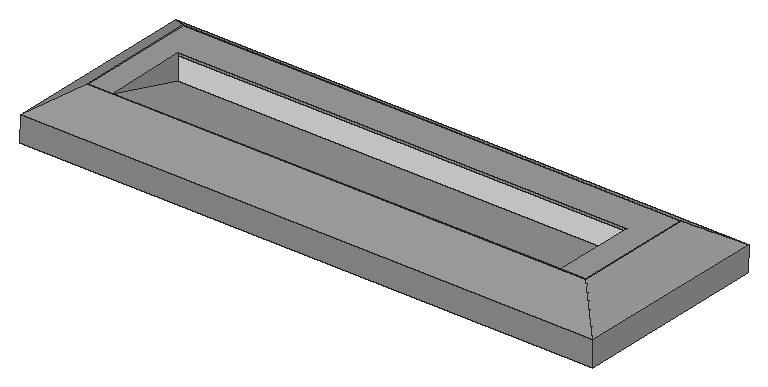
Revit family "ONSTAR LED", category Lighting Fixtures, host Face, Revit 2015
Parameters (values of type "KANLUX ONSTAR LED-GR 22760 LED 6500K 60lm tworzywo ABS szary")
  Wattage = 1.7002 W
  built-in parameter 1150110 = 1 (stored number, unit not read)
  built-in parameter 1114217 = 1 (stored number, unit not read)
  Tilt Angle = 90.00°  # constant formula
  built-in parameter 1150109 = 1 (stored number, unit not read)
  built-in parameter 1150134 = 1
  Szerokość = 78 mm  # constant formula
  built-in parameter 1150113 = 1 (stored number, unit not read)
  Photometric Web File = "ONSTAR_LED-GR.ies"
  Materiał klosz = KANLUX - klosz - poliwęglan (PC)
  Masa = 0.216 kg  # constant formula
  built-in parameter 1150105 = 995.6 (stored number, unit not read)
  Lumens = 60 lm
  built-in parameter 1150115 = 1 (stored number, unit not read)
  built-in parameter 1150137 = (empty or 0)
  built-in parameter 1150139 = (empty or 0)
  built-in parameter 1150112 = 1 (stored number, unit not read)
  built-in parameter 1150114 = 1 (stored number, unit not read)
  Kod = "22760"
  Keynote = ""
  built-in parameter 1150132 = (empty or 0)
  built-in parameter 1150102 = (empty or 0)
  built-in parameter 1150107 = 6500 (stored number, unit not read)
  built-in parameter 1150138 = (empty or 0)
  built-in parameter 1150106 = 9.956 (stored number, unit not read)
  built-in parameter 1150104 = 3.2785 (stored number, unit not read)
  Wysokość = 20 mm  # constant formula
  Współczynnik mocy = 1
  URL = "www.kanlux.pl"
  Manufacturer = "KANLUX"  # constant formula
  Długość = 230 mm  # constant formula
  Dimming Lamp Color Temperature Shift = <None>
  Color Filter = 16777215
  built-in parameter 1114218 = 1 (stored number, unit not read)
  built-in parameter 1150133 = 10 (stored number, unit not read)
  Apparent Load = Moc oprawy / Współczynnik mocy  # 1.7 VA
  Model = "ONSTAR LED-GR"
  Wattage Comments = "1.7"
  Moc oprawy = 1.7 W
  Materiał obudowa = KANLUX - obudowa - tworzywo ABS, szary
  Lamp = "LED"
  Klasyfikacja obciążenia = Oświetlenie
  IP = "IP65"  # constant formula
  Default Elevation = 0 mm
Reference planes
  plane 1 "Środek (Przód/Tył)": y = 0
  plane 2: z = 0
  plane 3 "Środek (Lewa/Prawa)": x = 0
  plane 4: x = 115
  plane 5: x = -115
  plane 6: y = 39
  plane 7: y = -39
  plane 8: x = -100
  plane 9: x = 100
  plane 10: y = 24
  plane 11: y = -24
  plane 12: z = 20
  plane 13: z = 10
  plane 14: z = 19
  plane 15: x = -90
  plane 16: x = 90
  plane 17: y = 9
  plane 18: y = 12
Forms (mm)
  Extrusion 1, solid, material "KANLUX - obudowa - tworzywo ABS, szary" <- "Materiał obudowa"
    sketch origin (530.005, -4572, 100) x (0, -1, 0) y (1, 0, 0)
      loop
        line (-4596, -630.005) -> (-4548, -630.005) -> (-4548, -430.005) -> (-4596, -430.005) -> (-4596, -630.005)
    from -100 to -80
  Sweep 2, solid, material "KANLUX - obudowa - tworzywo ABS, szary" <- "Materiał obudowa"
    path origin (530.005, -4572, 100) x (0, -1, 0) y (1, 0, 0)
      loop
        line (-4596, -630.005) -> (-4548, -630.005) -> (-4548, -430.005) -> (-4596, -430.005) -> (-4596, -630.005)
    profile origin (0, 24, 100) x (0, 1, 0) y (0, 0, 1)
      loop
        line (0, -80) -> (0, -100) -> (15, -100) -> (15, -90) -> (0, -80)
  Extrusion 3, void
    sketch origin (550, 1524, 1219.2) x (0, 1, 0) y (0, 0, 1)
      loop
        line (-1548, -1199.2) -> (-1515, -1209.2) -> (-1515, -1199.2) -> (-1548, -1199.2)
    from -640 to -460
  Extrusion 4, void
    sketch origin (550, 1524, 1219.2) x (0, 1, 0) y (0, 0, 1)
      loop
        line (-1515, -1200.2) -> (-1515, -1209.2) -> (-1512, -1209.2) -> (-1512, -1200.2) -> (-1515, -1200.2)
    from -640 to -460
  Extrusion 5, solid, material "KANLUX - klosz - poliwęglan (PC)" <- "Materiał klosz"
    sketch origin (550, 1524, 1219.2) x (0, 1, 0) y (0, 0, 1)
      loop
        line (-1512, -1200.2) -> (-1515, -1200.2) -> (-1515, -1209.2) -> (-1512, -1209.2) -> (-1512, -1200.2)
    from -640 to -460
Cuts and joins
  Extrusion 3 cuts Sweep 2
  Extrusion 3, Extrusion 4 cuts Extrusion 1
Dimensions and locks
  "Długość": plane 5 to plane 4
  equal spacing: plane 5, plane 3 "Środek (Lewa/Prawa)", plane 4
  equal spacing: plane 6, plane 1 "Środek (Przód/Tył)", plane 7
  "Szerokość": plane 6 to plane 7
  locked: plane 5 to plane 8 at 15
  locked: plane 9 to plane 4 at 15
  locked: plane 6 to plane 10 at 15
  locked: plane 7 to plane 11 at 15
  locked: plane 8 to plane 15 at 10
  locked: plane 16 to plane 9 at 10
  "Wysokość": plane 12 to plane 2
  locked: plane 13 to host face at 10
  locked: plane 14 to plane 13 at 9
  aligned and locked: plane 2 to host face
  aligned and locked: level to host face
  aligned and locked: plane 8 to Extrusion 1 sketch curve
  aligned and locked: Extrusion 1 sketch curve to plane 11
  aligned and locked: plane 9 to Extrusion 1 sketch curve
  aligned and locked: Extrusion 1 sketch curve to plane 10
  aligned and locked: Sweep 2 sketch curve to plane 10
  aligned and locked: plane 9 to Sweep 2 sketch curve
  aligned and locked: Sweep 2 sketch curve to plane 11
  aligned and locked: plane 8 to Sweep 2 sketch curve
  aligned and locked: host face to Sweep 2 sketch curve
  aligned and locked: Sweep 2 sketch curve to plane 6
  aligned and locked: plane 13 to Sweep 2 sketch curve
  aligned and locked: plane 6 to Sweep 2 sketch curve
  aligned and locked: plane 12 to Sweep 2 sketch curve
  aligned and locked: plane 10 to Sweep 2 sketch curve
  aligned and locked: plane 11 to Extrusion 3 sketch curve
  aligned and locked: imposter light to plane 3 "Środek (Lewa/Prawa)"
  aligned and locked: Extrusion 4 sketch curve to plane 13
  aligned and locked: imposter light to plane 14
  aligned and locked: plane 17 to Extrusion 3 sketch curve  (x2)
  aligned and locked: plane 13 to Extrusion 3 sketch curve
  aligned and locked: plane 12 to Extrusion 3 sketch curve
  aligned and locked: Extrusion 3 to Extrusion 4
  aligned and locked: Extrusion 4 to Extrusion 3
  aligned and locked: Extrusion 5 sketch curve to cut or joined group of Extrusion 1, Extrusion 3, Extrusion 4  (x4)
  aligned and locked: Extrusion 5 to plane 15
  aligned and locked: Extrusion 5 to plane 16
  aligned and locked: imposter light to plane 17
Automatic sketch dimensions
  host sketch curve to host sketch curve = 2438.4 mm  (x2)
  Extrusion 4 sketch curve to plane 17 = 0 mm
  Extrusion 4 sketch curve to plane 18 = 0 mm
  Extrusion 4 sketch curve to plane 14 = 0 mm
Connectors
  electrical at (0, 0, 0), driven by "Apparent Load", driven by "Współczynnik mocy", driven by "Klasyfikacja obciążenia"
    settings: on host face, index 1, voltage 230 V, apparent load 1.7 VA, apparent load phase1 0 VA, apparent load phase2 0 VA, apparent load phase3 0 VA, power factor 1, load classification "Oświetlenie", number of poles 1, system type 30, power factor state 1, is connector primary yes, connector utility no, sub classification motor no, connector description ""
